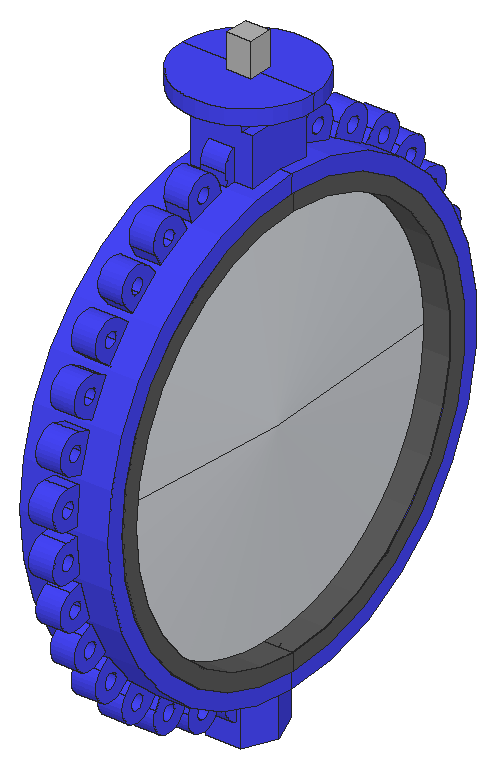
Revit family "931-20-001 DN900", category Pipe Accessories, Revit 2022
Family settings
  Round Connector Dimension = Use Diameter
  Part Type = Valve - Breaks Into
  Work Plane-Based = No
  Always vertical = Yes
  Cut with Voids When Loaded = No
  Shared = No
Parameters (values of type "DN900_PN16")
  wafer_fillet = wafer / 2  # 112.5 mm
  wafer_dim2 = size_lookup(Search_table, "wafer_dim2", 0 mm, DN)  # 225 mm
  wafer_dim1 = size_lookup(Search_table, "wafer_dim1", 0 mm, DN)  # 46.5 mm
  wafer_F = size_lookup(Search_table, "wafer_F", 0 mm, DN)  # 67 mm
  wafer = Actuator_Flange_R * 1.5  # 225 mm
  support = size_lookup(Search_table, "support", 0 mm, DN)  # 636 mm
  rubber = (D - Bore_R) / 2  # 37 mm
  hole1 = G / 2  # 27.5 mm
  disk22 = disk * 1.3  # 39 mm
  disk2 = size_lookup(Search_table, "disk2", 0 mm, DN)  # 899 mm
  disk11 = disk1 * 1.3  # 67.6 mm
  disk1 = size_lookup(Search_table, "disk1", 0 mm, DN)  # 52 mm
  disk = size_lookup(Search_table, "disk", 0 mm, DN)  # 30 mm
  base_dis = D * 1.18  # 618.32 mm
  base1 = C / 5  # 40 mm
  base = C * 0.7 / 2  # 70 mm
  URL_product_pages = "https://www.avkvalves.com/P.aspx?no=93190020010020200000"
  Slot_dim = size_lookup(Search_table, "Slot_dim", 0 mm, DN) / 2  # 42 mm
  Search_table = "931-20-001 DN900"
  PCD_R = size_lookup(Search_table, "PCD_R", 0 mm, DN)  # 550 mm
  Hole1 = size_lookup(Search_table, "Hole1", 0 mm, DN)  # 34 mm
  Hole = G * 1.1  # 60.5 mm
  H = size_lookup(Search_table, "H", 0 mm, DN) / 2  # 150 mm
  G = size_lookup(Search_table, "G", 0 mm, DN)  # 55 mm
  Flange_T = size_lookup(Search_table, "Flange_T", 0 mm, DN)  # 46.5 mm
  Flange_R = size_lookup(Search_table, "Flange_R", 0 mm, DN)  # 525 mm
  F = size_lookup(Search_table, "F", 0 mm, DN)  # 75 mm
  E = size_lookup(Search_table, "E", 0 mm, DN)  # 705 mm
  Description_ = "AVK BUTTERFLY VALVE, LUG, PN10/16"
  Default Elevation = 0 mm
  DN900_PN16 = "931-900-20-020020200000"
  DN900_PN10 = "931-900-20-010020200000"
  DN = 900.1 mm
  DISK = 0 mm
  D = size_lookup(Search_table, "D", 0 mm, DN) / 2  # 524 mm
  C = size_lookup(Search_table, "C", 0 mm, DN)  # 200 mm
  Bore_R = size_lookup(Search_table, "Bore_R", 0 mm, DN)  # 450 mm
  Body_thickness = B1 * 1.05  # 473.025 mm
  Body_dim1 = C * 0.7  # 140 mm
  Body_dim = Actuator_Flange_R * 0.5  # 75 mm
  Body_Thickness = size_lookup(Search_table, "Body_Thickness", 0 mm, DN)  # 2 mm
  B1 = B + 1 mm  # 450.5 mm
  B = size_lookup(Search_table, "B", 0 mm, DN) / 2  # 449.5 mm
  Actuator_Flange_R = size_lookup(Search_table, "Actuator_Flange_R", 0 mm, DN) / 2  # 150 mm
  Actuator_FL_T = size_lookup(Search_table, "Actuator_FL_T", 0 mm, DN)  # 35 mm
  2 = 3 mm  # constant formula
  1 = 1 mm  # constant formula
Types (3, lengths in mm): name | wafer_dim1 | Flange_T | Flange_R | DN
  (no name) | 46.5 | 46.5 | 525 | 900.1
  DN900_PN10 | 37.5 | 37.5 | 520 | 900
  DN900_PN16 | 46.5 | 46.5 | 525 | 900.1
Reference planes
  plane 1 "Center (Front/Back)": y = 0
  plane 2: z = 0
  plane 3 "Center (Left/Right)": x = 0
  plane 4: z = 227.5
  plane 5: x = -100
  plane 6: x = 100
  plane 7: z = 449.5
  plane 8: z = 705
  plane 9: z = 780
  plane 10: x = -27.5
  plane 11: x = 27.5
  plane 12: z = -224.75
  plane 13: z = 224.75
  plane 14: y = 27.5
  plane 15: y = -27.5
  plane 16: y = 27.5
  plane 17: y = -27.5
  plane 18: x = -70
  plane 19: x = 70
  plane 20: y = 75
  plane 21: y = -75
  plane 22: z = 670
  plane 23: z = 524
  plane 24: z = 451.5
  plane 25: z = 670
  plane 26: x = -103
  plane 27: x = 103
  plane 28: x = -150
  plane 29: x = 150
  plane 30: z = 449.5
  plane 31: z = -449.5
  plane 32: z = -449.5
  plane 33: z = 449.5
  plane 34: x = -27.5
  plane 35: x = 27.5
  plane 36: y = 70
  plane 37: y = -70
  plane 38: x = -12.469
  plane 39: x = 12.469
  plane 40: z = 524
  plane 41: z = -524
  plane 42: through (0, 0, -0.031) normal (0, 0.0976, 0.9952)
  plane 43: through (0, 0, -0.031) normal (0, 0.9952, -0.0976)
  plane 44: through (0, 0, 0.031) normal (0, -0.0976, 0.9952)
  plane 45: through (0, 0, 0.031) normal (0, -0.9952, -0.0976)
  plane 46: through (0, -0.027, -0.007) normal (0, 0.1942, -0.981)
  plane 47: through (0, 0.013, -0.033) normal (0, -0.289, 0.9573)
  plane 48: through (0, 0.013, -0.033) normal (0, 0.9573, 0.289)
  plane 49: through (0, 0.013, 0.033) normal (0, 0.289, 0.9573)
  plane 50: through (0, 0.013, 0.033) normal (0, -0.9573, 0.289)
  plane 51: z = -0.007
  plane 52: through (0, -0.027, -0.007) normal (0, 0.3811, -0.9245)
  plane 53: through (0, -0.017, 0.039) normal (0, -0.4695, 0.8829)
  plane 54: through (0, -0.017, 0.039) normal (0, -0.8829, -0.4695)
  plane 55: through (0, -0.027, -0.007) normal (0, 0.5534, -0.8329)
  plane 56: through (0, 0.019, -0.016) normal (0, -0.632, 0.7749)
  plane 57: through (0, 0.019, -0.016) normal (0, 0.7749, 0.632)
  plane 58: through (0, -0.027, -0.007) normal (0, 0.7046, -0.7096)
  plane 59: through (0, -0.035, 0.039) normal (0, -0.7705, 0.6374)
  plane 60: through (0, -0.035, 0.039) normal (0, -0.6374, -0.7705)
  plane 61: through (0, -0.027, -0.007) normal (0, 0.829, -0.5592)
  plane 62: through (0, 0.019, 0.003) normal (0, -0.8796, 0.4756)
  plane 63: through (0, 0.019, 0.003) normal (0, 0.4756, 0.8796)
  plane 64: through (0, -0.027, -0.007) normal (0, 0.9219, -0.3875)
  plane 65: through (0, -0.053, 0.033) normal (0, -0.9553, 0.2957)
  plane 66: through (0, -0.053, 0.033) normal (0, -0.2957, -0.9553)
  plane 67: through (0, -0.027, -0.007) normal (0, 0.9796, -0.2011)
  plane 68: through (0, 0.012, 0.02) normal (0, -0.9945, 0.1045)
  plane 69: through (0, 0.012, 0.02) normal (0, 0.1045, 0.9945)
  plane 70: through (0, -0.012, 0.02) normal (0, -0.9945, -0.1045)
  plane 71: through (0, -0.012, 0.02) normal (0, 0.1045, -0.9945)
  plane 72: through (0, 0.027, -0.007) normal (0, 0.1942, 0.981)
  plane 73: through (0, 0.027, -0.007) normal (0, 0.3811, 0.9245)
  plane 74: through (0, 0.027, -0.007) normal (0, 0.5534, 0.8329)
  plane 75: through (0, 0.027, -0.007) normal (0, 0.7046, 0.7096)
  plane 76: through (0, 0.027, -0.007) normal (0, 0.829, 0.5592)
  plane 77: through (0, 0.027, -0.007) normal (0, 0.9219, 0.3875)
  plane 78: through (0, 0.027, -0.007) normal (0, 0.9796, 0.2011)
  plane 79: through (0, 0.017, 0.039) normal (0, -0.4695, -0.8829)
  plane 80: through (0, 0.017, 0.039) normal (0, -0.8829, 0.4695)
  plane 81: through (0, -0.019, -0.016) normal (0, -0.632, -0.7749)
  plane 82: through (0, -0.019, -0.016) normal (0, 0.7749, -0.632)
  plane 83: through (0, 0.035, 0.039) normal (0, -0.7705, -0.6374)
  plane 84: through (0, 0.035, 0.039) normal (0, -0.6374, 0.7705)
  plane 85: through (0, -0.019, 0.003) normal (0, -0.8796, -0.4756)
  plane 86: through (0, -0.019, 0.003) normal (0, 0.4756, -0.8796)
  plane 87: through (0, 0.053, 0.033) normal (0, -0.9553, -0.2957)
  plane 88: through (0, 0.053, 0.033) normal (0, -0.2957, 0.9553)
Forms (mm)
  Revolve 1, solid, material "Default Roof"
    sketch origin (0, 0, 0) x (1, 0, 0) y (0, 0, 1)
      loop
        line (-100, 450.5) -> (100, 450.5) -> (100, 524) -> (-100, 524) -> (-100, 450.5)
      axis (-100, 0) -> (100, 0)
    angle from 0 to 360
  Revolve 2, solid, material "Default Roof"
    sketch origin (0, 0, 0) x (1, 0, 0) y (0, 0, 1)
      loop
        line (0, 705) -> (0, 670) -> (150, 670) -> (150, 705) -> (0, 705)
      axis (0, 705) -> (0, 670)
    angle from 0 to 360
  Extrusion 3, solid, material "Default Wall"
    sketch origin (0, 0, 0) x (1, 0, 0) y (0, 0, 1)
      loop
        line (-27.5, 780) -> (-27.5, 705) -> (27.5, 705) -> (27.5, 780) -> (-27.5, 780)
    from -27.5 to 27.5
  Extrusion 4, solid, material "Default Roof"
    sketch origin (0, 0, 0) x (1, 0, 0) y (0, 0, 1)
      loop
        line (-70, 670) -> (-70, 449.5) -> (70, 449.5) -> (70, 670) -> (-70, 670)
    from -75 to 75
  Extrusion 5, void
    sketch origin (0, 0, 0) x (0, 1, 0) y (0, 0, 1)
      loop
        line (75, 670) -> (28.5, 670) -> (28.5, 623.5) -> (75, 623.5) -> (75, 670)
      loop
        line (-28.5, 670) -> (-75, 670) -> (-75, 623.5) -> (-28.5, 623.5) -> (-28.5, 670)
    from 45 to 100
  Extrusion 6, void
    sketch origin (0, 0, 0) x (0, 1, 0) y (0, 0, 1)
      loop
        line (28.5, 623.5) -> (75, 623.5) -> (75, 670) -> (28.5, 670) -> (28.5, 623.5)
      loop
        line (-28.5, 670) -> (-75, 670) -> (-75, 623.5) -> (-28.5, 623.5) -> (-28.5, 670)
    from -100 to -45
  Revolve 7, solid, material "Default"
    sketch origin (0, 0, 0) x (1, 0, 0) y (0, 0, 1)
      loop
        line (-103, 486.5) -> (-103, 449.5) -> (103, 449.5) -> (103, 486.5) -> (100, 486.5) -> (100, 450.5) -> (-100, 450.5) -> (-100, 486.5) -> (-103, 486.5)
      axis (-103, 0) -> (103, 0)
    angle from 0 to 360
  Extrusion 8, solid, material "Default Roof"
    sketch origin (0, 0, 0) x (1, 0, 0) y (0, 1, 0)
      loop
        line (-70, 0) -> (-40, -70) -> (40, -70) -> (70, 0) -> (40, 70) -> (-40, 70) -> (-70, 0)
    from -636 to -452.5
  Revolve 9, solid
    sketch origin (0, 0, 0) x (1, 0, 0) y (0, 1, 0)
      loop
        line (-67.6, 0) -> (67.6, 0)
        arc (67.6, 0) -> (60.512, 225.209) -> (39, 449.5) r 3512.447
        line (39, 449.5) -> (-39, 449.5)
        arc (-39, 449.5) -> (-60.512, 225.209) -> (-67.6, 0) r 3512.447
      axis (-67.6, 0) -> (67.6, 0)
    angle from 0 to 360
  Extrusion 10, solid, material "Default Roof"
    sketch origin (0, 0, 0) x (0, -0.92388, 0.382683) y (0, -0.382683, -0.92388)
      loop
        line (-514.05, -200.043) -> (538.445, 119.729)
        arc (538.445, 119.729) -> (566.422, 172.125) -> (514.026, 200.101) r 42
        line (514.026, 200.101) -> (-538.469, -119.671)
        arc (-538.469, -119.671) -> (-566.446, -172.067) -> (-514.05, -200.043) r 42
      loop
        circle (526.235, 159.915) r 17
      loop
        circle (-526.259, -159.857) r 17
    from -27.5 to 27.5
  Extrusion 11, solid, material "Default Roof"
    sketch origin (0, 0, 0) x (0, -0.92388, -0.382683) y (0, 0.382683, -0.92388)
      loop
        arc (-514.05, 200.043) -> (-566.446, 172.067) -> (-538.469, 119.671) r 42
        line (-538.469, 119.671) -> (514.026, -200.101)
        arc (514.026, -200.101) -> (566.422, -172.125) -> (538.445, -119.729) r 42
        line (538.445, -119.729) -> (-514.05, 200.043)
      loop
        circle (526.235, -159.915) r 17
      loop
        circle (-526.259, 159.857) r 17
    from -27.5 to 27.5
  Extrusion 12, solid, material "Default Roof"
    sketch origin (0, 0.001, -0.004) x (0, -0.999998, 0.001745) y (0, -0.001745, -0.999998)
      loop
        line (-514.05, -200.043) -> (538.445, 119.729)
        arc (538.445, 119.729) -> (566.422, 172.125) -> (514.026, 200.101) r 42
        line (514.026, 200.101) -> (-538.469, -119.671)
        arc (-538.469, -119.671) -> (-566.446, -172.067) -> (-514.05, -200.043) r 42
      loop
        circle (526.235, 159.915) r 17
      loop
        circle (-526.259, -159.857) r 17
    from -27.5 to 27.5
  Extrusion 13, solid, material "Default Roof"
    sketch origin (0, 0.001, 0.004) x (0, -0.999998, -0.001745) y (0, 0.001745, -0.999998)
      loop
        arc (-514.05, 200.043) -> (-566.446, 172.067) -> (-538.469, 119.671) r 42
        line (-538.469, 119.671) -> (514.026, -200.101)
        arc (514.026, -200.101) -> (566.422, -172.125) -> (538.445, -119.729) r 42
        line (538.445, -119.729) -> (-514.05, 200.043)
      loop
        circle (526.235, -159.915) r 17
      loop
        circle (-526.259, 159.857) r 17
    from -27.5 to 27.5
  Extrusion 14, solid, material "Default Roof"
    sketch origin (0, -0.005, 0.01) x (0, -0.70834, -0.705872) y (0, 0.705872, -0.70834)
      loop
        arc (-514.05, 200.043) -> (-566.446, 172.067) -> (-538.469, 119.671) r 42
        line (-538.469, 119.671) -> (514.026, -200.101)
        arc (514.026, -200.101) -> (566.422, -172.125) -> (538.445, -119.729) r 42
        line (538.445, -119.729) -> (-514.05, 200.043)
      loop
        circle (526.235, -159.915) r 17
      loop
        circle (-526.259, 159.857) r 17
    from -27.5 to 27.5
  Extrusion 15, solid, material "Default Roof"
    sketch origin (0, -0.003, 0.007) x (0, -0.92521, -0.379456) y (0, 0.379456, -0.92521)
      loop
        line (-514.05, -200.043) -> (538.445, 119.729)
        arc (538.445, 119.729) -> (566.422, 172.125) -> (514.026, 200.101) r 42
        line (514.026, 200.101) -> (-538.469, -119.671)
        arc (-538.469, -119.671) -> (-566.446, -172.067) -> (-514.05, -200.043) r 42
      loop
        circle (526.235, 159.915) r 17
      loop
        circle (-526.259, -159.857) r 17
    from -27.5 to 27.5
  Extrusion 16, solid, material "Default Roof"
    sketch origin (0, -0.013, 0.017) x (0, -0.385906, -0.922538) y (0, 0.922538, -0.385906)
      loop
        arc (-514.05, 200.043) -> (-566.446, 172.067) -> (-538.469, 119.671) r 42
        line (-538.469, 119.671) -> (514.026, -200.101)
        arc (514.026, -200.101) -> (566.422, -172.125) -> (538.445, -119.729) r 42
        line (538.445, -119.729) -> (-514.05, 200.043)
      loop
        circle (526.235, -159.915) r 17
      loop
        circle (-526.259, 159.857) r 17
    from -27.5 to 27.5
  Extrusion 17, solid, material "Default Roof"
    sketch origin (0, -0.01, 0.015) x (0, -0.710799, -0.703395) y (0, 0.703395, -0.710799)
      loop
        line (-514.05, -200.043) -> (538.445, 119.729)
        arc (538.445, 119.729) -> (566.422, 172.125) -> (514.026, 200.101) r 42
        line (514.026, 200.101) -> (-538.469, -119.671)
        arc (-538.469, -119.671) -> (-566.446, -172.067) -> (-514.05, -200.043) r 42
      loop
        circle (526.235, 159.915) r 17
      loop
        circle (-526.259, -159.857) r 17
    from -27.5 to 27.5
  Extrusion 18, solid, material "Default Roof"
    sketch origin (0, -0.024, 0.021) x (0, -0.005236, -0.999986) y (0, 0.999986, -0.005236)
      loop
        arc (-514.05, 200.043) -> (-566.446, 172.067) -> (-538.469, 119.671) r 42
        line (-538.469, 119.671) -> (514.026, -200.101)
        arc (514.026, -200.101) -> (566.422, -172.125) -> (538.445, -119.729) r 42
        line (538.445, -119.729) -> (-514.05, 200.043)
      loop
        circle (526.235, -159.915) r 17
      loop
        circle (-526.259, 159.857) r 17
    from -27.5 to 27.5
  Extrusion 19, solid, material "Default Roof"
    sketch origin (0, -0.02, 0.02) x (0, -0.389124, -0.921185) y (0, 0.921185, -0.389124)
      loop
        line (-514.05, -200.043) -> (538.445, 119.729)
        arc (538.445, 119.729) -> (566.422, 172.125) -> (514.026, 200.101) r 42
        line (514.026, 200.101) -> (-538.469, -119.671)
        arc (-538.469, -119.671) -> (-566.446, -172.067) -> (-514.05, -200.043) r 42
      loop
        circle (526.235, 159.915) r 17
      loop
        circle (-526.259, -159.857) r 17
    from -27.5 to 27.5
  Extrusion 20, solid, material "Default Roof"
    sketch origin (0, 0.02, 0.02) x (0, 0.389124, -0.921185) y (0, 0.921185, 0.389124)
      loop
        arc (-514.05, 200.043) -> (-566.446, 172.067) -> (-538.469, 119.671) r 42
        line (-538.469, 119.671) -> (514.026, -200.101)
        arc (514.026, -200.101) -> (566.422, -172.125) -> (538.445, -119.729) r 42
        line (538.445, -119.729) -> (-514.05, 200.043)
      loop
        circle (526.235, -159.915) r 17
      loop
        circle (-526.259, 159.857) r 17
    from -27.5 to 27.5
  Extrusion 21, solid, material "Default Roof"
    sketch origin (0, 0.005, 0.01) x (0, 0.70834, -0.705872) y (0, 0.705872, 0.70834)
      loop
        line (-514.05, -200.043) -> (538.445, 119.729)
        arc (538.445, 119.729) -> (566.422, 172.125) -> (514.026, 200.101) r 42
        line (514.026, 200.101) -> (-538.469, -119.671)
        arc (-538.469, -119.671) -> (-566.446, -172.067) -> (-514.05, -200.043) r 42
      loop
        circle (526.235, 159.915) r 17
      loop
        circle (-526.259, -159.857) r 17
    from -27.5 to 27.5
  Extrusion 22, solid, material "Default Roof"
    sketch origin (0, 0.003, 0.007) x (0, 0.92521, -0.379456) y (0, 0.379456, 0.92521)
      loop
        arc (-514.05, 200.043) -> (-566.446, 172.067) -> (-538.469, 119.671) r 42
        line (-538.469, 119.671) -> (514.026, -200.101)
        arc (514.026, -200.101) -> (566.422, -172.125) -> (538.445, -119.729) r 42
        line (538.445, -119.729) -> (-514.05, 200.043)
      loop
        circle (526.235, -159.915) r 17
      loop
        circle (-526.259, 159.857) r 17
    from -27.5 to 27.5
  Extrusion 23, solid, material "Default Roof"
    sketch origin (0, 0.013, 0.017) x (0, 0.385906, -0.922538) y (0, 0.922538, 0.385906)
      loop
        line (-514.05, -200.043) -> (538.445, 119.729)
        arc (538.445, 119.729) -> (566.422, 172.125) -> (514.026, 200.101) r 42
        line (514.026, 200.101) -> (-538.469, -119.671)
        arc (-538.469, -119.671) -> (-566.446, -172.067) -> (-514.05, -200.043) r 42
      loop
        circle (526.235, 159.915) r 17
      loop
        circle (-526.259, -159.857) r 17
    from -27.5 to 27.5
  Extrusion 24, solid, material "Default Roof"
    sketch origin (0, 0.01, 0.015) x (0, 0.710799, -0.703395) y (0, 0.703395, 0.710799)
      loop
        arc (-514.05, 200.043) -> (-566.446, 172.067) -> (-538.469, 119.671) r 42
        line (-538.469, 119.671) -> (514.026, -200.101)
        arc (514.026, -200.101) -> (566.422, -172.125) -> (538.445, -119.729) r 42
        line (538.445, -119.729) -> (-514.05, 200.043)
      loop
        circle (526.235, -159.915) r 17
      loop
        circle (-526.259, 159.857) r 17
    from -27.5 to 27.5
  Extrusion 25, solid, material "Default Roof"
    sketch origin (0, 0.024, 0.021) x (0, 0.005236, -0.999986) y (0, 0.999986, 0.005236)
      loop
        line (-514.05, -200.043) -> (538.445, 119.729)
        arc (538.445, 119.729) -> (566.422, 172.125) -> (514.026, 200.101) r 42
        line (514.026, 200.101) -> (-538.469, -119.671)
        arc (-538.469, -119.671) -> (-566.446, -172.067) -> (-514.05, -200.043) r 42
      loop
        circle (526.235, 159.915) r 17
      loop
        circle (-526.259, -159.857) r 17
    from -27.5 to 27.5
Cuts and joins
  Extrusion 5, Extrusion 6 cuts Revolve 2
  Extrusion 5, Extrusion 6 cuts Extrusion 4
Dimensions and locks
  "B": plane 7 to level
  equal spacing: plane 6, plane 3 "Center (Left/Right)", plane 5
  "C": plane 6 to plane 5
  "E": plane 8 to level
  equal spacing: plane 11, plane 3 "Center (Left/Right)", plane 10
  "G": plane 11 to plane 10
  "F": plane 9 to plane 8
  equal spacing: plane 13, level, plane 12
  "B": plane 13 to plane 12
  "H": Revolve 2 sketch curve to plane 3 "Center (Left/Right)"
  "Actuator_FL_T": plane 8 to Revolve 2 sketch curve
  equal spacing: Extrusion 3 sketch curve, plane 3 "Center (Left/Right)", Extrusion 3 sketch curve
  equal spacing: plane 14, plane 1 "Center (Front/Back)", plane 15
  "G": plane 14 to plane 15
  equal spacing: plane 16, plane 1 "Center (Front/Back)", plane 17
  "G": plane 16 to plane 17
  equal spacing: Extrusion 4 sketch curve, plane 3 "Center (Left/Right)", Extrusion 4 sketch curve
  "Actuator_FL_T": plane 8 to Extrusion 4 sketch curve
  equal spacing: plane 19, plane 3 "Center (Left/Right)", plane 18
  "Body_dim1": plane 19 to plane 18
  equal spacing: plane 20, plane 1 "Center (Front/Back)", plane 21
  "Body_dim": plane 20 to plane 1 "Center (Front/Back)"
  "Actuator_FL_T": plane 8 to Extrusion 5 sketch curve
  "Flange_T": plane 20 to Extrusion 5 sketch curve
  "Actuator_FL_T": plane 8 to plane 22
  "Flange_T": plane 22 to Extrusion 5 sketch curve
  equal spacing: Extrusion 5 sketch curve, plane 1 "Center (Front/Back)", Extrusion 5 sketch curve
  "G": plane 6 to cut or joined group of Extrusion 4, Extrusion 5, Extrusion 6
  "G": cut or joined group of Extrusion 4, Extrusion 5, Extrusion 6 to plane 5
  equal spacing: Revolve 7 sketch curve, plane 3 "Center (Left/Right)", Revolve 7 sketch curve  (x2)
  "2": plane 5 to Revolve 7 sketch curve
  "B1": Revolve 1 sketch curve to level
  "D": plane 23 to level
  "rubber": Revolve 7 sketch curve to plane 7
  "Body_Thickness": plane 24 to plane 7
  "Actuator_FL_T": plane 8 to plane 25
  "Flange_T": plane 25 to cut or joined group of Extrusion 4, Extrusion 5, Extrusion 6
  equal spacing: cut or joined group of Extrusion 4, Extrusion 5, Extrusion 6, plane 1 "Center (Front/Back)", cut or joined group of Extrusion 4, Extrusion 5, Extrusion 6
  "Flange_T": plane 20 to cut or joined group of Extrusion 4, Extrusion 5, Extrusion 6
  equal spacing: plane 27, plane 3 "Center (Left/Right)", plane 26
  "2": plane 5 to plane 26
  plane 27 to plane 26 = 206 mm
  equal spacing: plane 29, plane 3 "Center (Left/Right)", plane 28
  "H": plane 29 to plane 3 "Center (Left/Right)"
  equal spacing: plane 31, level, plane 30
  "disk2": plane 31 to plane 30
  "1": plane 30 to Revolve 7 sketch curve
  plane 6 to plane 5 = 200 mm  (x2)
  plane 28 to plane 29 = 300 mm
  equal spacing: plane 33, level, plane 32
  "disk2": plane 7 to plane 32
  equal spacing: plane 34, plane 3 "Center (Left/Right)", plane 35
  "G": plane 35 to plane 34
  equal spacing: plane 37, plane 1 "Center (Front/Back)", plane 36
  equal spacing: plane 38, plane 3 "Center (Left/Right)", plane 39
  equal spacing: Extrusion 8 sketch curve, plane 3 "Center (Left/Right)", Extrusion 8 sketch curve  (x3)
  "base": plane 1 "Center (Front/Back)" to plane 36
  "base": Extrusion 8 sketch curve to plane 3 "Center (Left/Right)"
  "base1": Extrusion 8 sketch curve to plane 3 "Center (Left/Right)"  (x2)
  "support": level to Extrusion 8
  "2": plane 32 to Extrusion 8
  equal spacing: plane 40, level, plane 41
  plane 40 to plane 41 = 1048 mm
  "D": plane 40 to level
  plane 29 to plane 28 = 300 mm
  equal spacing: Revolve 9 sketch curve, plane 3 "Center (Left/Right)", Revolve 9 sketch curve  (x2)
  "disk11": Revolve 9 sketch curve to plane 3 "Center (Left/Right)"
  "disk22": Revolve 9 sketch curve to plane 3 "Center (Left/Right)"
  "B": plane 1 "Center (Front/Back)" to Revolve 9 sketch curve
  "Slot_dim": Extrusion 10 sketch curve to plane 42
  "PCD_R": plane 43 to Extrusion 10 sketch curve
  "PCD_R": Extrusion 10 sketch curve to plane 43
  equal spacing: Extrusion 10 sketch curve, plane 42, Extrusion 10 sketch curve
  "Slot_dim": Extrusion 11 sketch curve to plane 44
  "PCD_R": plane 45 to Extrusion 11 sketch curve
  "PCD_R": Extrusion 11 sketch curve to plane 45
  equal spacing: Extrusion 11 sketch curve, plane 44, Extrusion 11 sketch curve
  equal spacing: Extrusion 11 sketch curve, plane 45, Extrusion 11 sketch curve
  equal spacing: Extrusion 11, level, Extrusion 10
  "Slot_dim": Extrusion 12 sketch curve to plane 47
  "PCD_R": plane 48 to Extrusion 12 sketch curve
  "PCD_R": Extrusion 12 sketch curve to plane 48
  equal spacing: Extrusion 12 sketch curve, plane 47, Extrusion 12 sketch curve
  equal spacing: Extrusion 12 sketch curve, plane 48, Extrusion 12 sketch curve
  "Slot_dim": Extrusion 13 sketch curve to plane 49
  "PCD_R": plane 50 to Extrusion 13 sketch curve
  "PCD_R": Extrusion 13 sketch curve to plane 50
  equal spacing: Extrusion 13 sketch curve, plane 49, Extrusion 13 sketch curve
  equal spacing: Extrusion 13 sketch curve, plane 50, Extrusion 13 sketch curve
  "Slot_dim": Extrusion 14 sketch curve to plane 53
  "PCD_R": plane 54 to Extrusion 14 sketch curve
  "PCD_R": Extrusion 14 sketch curve to plane 54
  equal spacing: Extrusion 14 sketch curve, plane 53, Extrusion 14 sketch curve
  equal spacing: Extrusion 14 sketch curve, plane 54, Extrusion 14 sketch curve
  "Slot_dim": Extrusion 15 sketch curve to plane 56
  "PCD_R": plane 57 to Extrusion 15 sketch curve
  "PCD_R": Extrusion 15 sketch curve to plane 57
  equal spacing: Extrusion 15 sketch curve, plane 56, Extrusion 15 sketch curve
  equal spacing: Extrusion 15 sketch curve, plane 57, Extrusion 15 sketch curve
  "Slot_dim": Extrusion 16 sketch curve to plane 59
  "PCD_R": plane 60 to Extrusion 16 sketch curve
  "PCD_R": Extrusion 16 sketch curve to plane 60
  equal spacing: Extrusion 16 sketch curve, plane 59, Extrusion 16 sketch curve
  equal spacing: Extrusion 16 sketch curve, plane 60, Extrusion 16 sketch curve
  "Slot_dim": Extrusion 17 sketch curve to plane 62
  "PCD_R": plane 63 to Extrusion 17 sketch curve
  "PCD_R": Extrusion 17 sketch curve to plane 63
  equal spacing: Extrusion 17 sketch curve, plane 62, Extrusion 17 sketch curve
  equal spacing: Extrusion 17 sketch curve, plane 63, Extrusion 17 sketch curve
  "Slot_dim": Extrusion 18 sketch curve to plane 65
  "PCD_R": plane 66 to Extrusion 18 sketch curve
  "PCD_R": Extrusion 18 sketch curve to plane 66
  equal spacing: Extrusion 18 sketch curve, plane 65, Extrusion 18 sketch curve
  equal spacing: Extrusion 18 sketch curve, plane 66, Extrusion 18 sketch curve
  "Slot_dim": Extrusion 19 sketch curve to plane 68
  "PCD_R": plane 69 to Extrusion 19 sketch curve
  "PCD_R": Extrusion 19 sketch curve to plane 69
  equal spacing: Extrusion 19 sketch curve, plane 68, Extrusion 19 sketch curve
  equal spacing: Extrusion 19 sketch curve, plane 69, Extrusion 19 sketch curve
  "Slot_dim": Extrusion 20 sketch curve to plane 70
  "PCD_R": plane 71 to Extrusion 20 sketch curve
  "PCD_R": Extrusion 20 sketch curve to plane 71
  equal spacing: Extrusion 20 sketch curve, plane 70, Extrusion 20 sketch curve
  equal spacing: Extrusion 20 sketch curve, plane 71, Extrusion 20 sketch curve
  "Slot_dim": Extrusion 21 sketch curve to plane 79
  "PCD_R": plane 80 to Extrusion 21 sketch curve
  "PCD_R": Extrusion 21 sketch curve to plane 80
  equal spacing: Extrusion 21 sketch curve, plane 79, Extrusion 21 sketch curve
  equal spacing: Extrusion 21 sketch curve, plane 80, Extrusion 21 sketch curve
  "Slot_dim": Extrusion 22 sketch curve to plane 81
  "PCD_R": plane 82 to Extrusion 22 sketch curve
  "PCD_R": Extrusion 22 sketch curve to plane 82
  equal spacing: Extrusion 22 sketch curve, plane 81, Extrusion 22 sketch curve
  equal spacing: Extrusion 22 sketch curve, plane 82, Extrusion 22 sketch curve
  "Slot_dim": Extrusion 23 sketch curve to plane 83
  "PCD_R": plane 84 to Extrusion 23 sketch curve
  "PCD_R": Extrusion 23 sketch curve to plane 84
  equal spacing: Extrusion 23 sketch curve, plane 83, Extrusion 23 sketch curve
  equal spacing: Extrusion 23 sketch curve, plane 84, Extrusion 23 sketch curve
  "Slot_dim": Extrusion 24 sketch curve to plane 85
  "PCD_R": plane 86 to Extrusion 24 sketch curve
  "PCD_R": Extrusion 24 sketch curve to plane 86
  equal spacing: Extrusion 24 sketch curve, plane 85, Extrusion 24 sketch curve
  equal spacing: Extrusion 24 sketch curve, plane 86, Extrusion 24 sketch curve
  "Slot_dim": Extrusion 25 sketch curve to plane 87
  "PCD_R": plane 88 to Extrusion 25 sketch curve
  "PCD_R": Extrusion 25 sketch curve to plane 88
  equal spacing: Extrusion 25 sketch curve, plane 87, Extrusion 25 sketch curve
  equal spacing: Extrusion 25 sketch curve, plane 88, Extrusion 25 sketch curve
  Extrusion 19 to level to Extrusion 19 = 589.007 mm, 588.967 mm
  Extrusion 20 to level to Extrusion 20 = 589.007 mm, 588.967 mm
  equal spacing: Extrusion 19, plane 1 "Center (Front/Back)", Extrusion 20
  equal spacing: Extrusion 18, plane 1 "Center (Front/Back)", Extrusion 25
  equal spacing: Extrusion 17, plane 1 "Center (Front/Back)", Extrusion 24
  equal spacing: Extrusion 16, plane 1 "Center (Front/Back)", Extrusion 23
  equal spacing: Extrusion 15, plane 1 "Center (Front/Back)", Extrusion 22
  equal spacing: Extrusion 14, plane 1 "Center (Front/Back)", Extrusion 21
  Extrusion 12 to plane 1 "Center (Front/Back)" = 568.538 mm
  equal spacing: Extrusion 11, plane 1 "Center (Front/Back)", Extrusion 10
  Extrusion 12 to plane 1 "Center (Front/Back)" to Extrusion 13 = 568.538 mm, 568.513 mm
  "Hole1": diameter of Extrusion 10 sketch curve  (x2)
  "Hole1": diameter of Extrusion 11 sketch curve  (x2)
  "Hole1": diameter of Extrusion 12 sketch curve  (x2)
  "Hole1": diameter of Extrusion 13 sketch curve  (x2)
  "Hole1": diameter of Extrusion 14 sketch curve  (x2)
  "Hole1": diameter of Extrusion 15 sketch curve  (x2)
  "Hole1": diameter of Extrusion 16 sketch curve  (x2)
  "Hole1": diameter of Extrusion 17 sketch curve  (x2)
  "Hole1": diameter of Extrusion 18 sketch curve  (x2)
  "Hole1": diameter of Extrusion 19 sketch curve  (x2)
  "Hole1": diameter of Extrusion 20 sketch curve  (x2)
  "Hole1": diameter of Extrusion 21 sketch curve  (x2)
  "Hole1": diameter of Extrusion 22 sketch curve  (x2)
  "Hole1": diameter of Extrusion 23 sketch curve  (x2)
  "Hole1": diameter of Extrusion 24 sketch curve  (x2)
  "Hole1": diameter of Extrusion 25 sketch curve  (x2)
  angle level to plane 42 = 5.60°
  angle plane 1 "Center (Front/Back)" to plane 43 = 5.60°
  angle plane 52 to level = 22.40°
  angle plane 46 to level = 11.20°
  angle plane 55 to level = 33.60°
  angle plane 58 to level = 44.80°
  angle plane 61 to level = 56.00°
  angle level to plane 72 = 11.20°
  angle level to plane 73 = 22.40°
  angle level to plane 74 = 33.60°
  angle level to plane 75 = 44.80°
  angle level to plane 76 = 56.00°
  angle level to plane 77 = 67.20°
  angle level to plane 78 = 78.40°
  angle plane 64 to level = 67.20°
  angle plane 67 to level = 78.40°
  aligned and locked: level to plane 2
  aligned and locked: plane 5 to Revolve 1 sketch curve
  aligned and locked: plane 6 to Revolve 1 sketch curve
  aligned and locked: Revolve 1 sketch curve to level
  aligned and locked: plane 3 "Center (Left/Right)" to Revolve 2 sketch curve
  aligned and locked: Revolve 2 sketch curve to plane 8
  aligned and locked: Revolve 2 sketch curve to plane 3 "Center (Left/Right)"
  aligned and locked: plane 10 to Extrusion 3 sketch curve
  aligned and locked: plane 8 to Extrusion 3 sketch curve
  aligned and locked: Extrusion 3 sketch curve to plane 9
  aligned and locked: Extrusion 3 to plane 16
  aligned and locked: plane 17 to Extrusion 3
  aligned and locked: Extrusion 4 sketch curve to plane 18
  aligned and locked: plane 7 to Extrusion 4 sketch curve
  aligned and locked: Extrusion 4 to plane 20
  aligned and locked: Extrusion 4 to plane 21
  aligned and locked: Extrusion 5 sketch curve to plane 22
  aligned and locked: plane 21 to Extrusion 5 sketch curve
  aligned and locked: Extrusion 5 sketch curve to Extrusion 5 sketch curve
  aligned and locked: plane 6 to Extrusion 5
  aligned and locked: cut or joined group of Revolve 2, Extrusion 5, Extrusion 6 to Extrusion 6 sketch curve  (x2)
  aligned and locked: Extrusion 6 to plane 5
  aligned and locked: Revolve 7 sketch curve to Revolve 7 sketch curve
  aligned and locked: Revolve 7 sketch curve to level
  aligned and locked: Revolve 7 sketch curve to plane 5
  aligned and locked: Extrusion 6 to plane 20
  aligned and locked: Extrusion 6 to plane 21
  aligned and locked: Extrusion 5 to plane 20
  aligned and locked: cut or joined group of Extrusion 4, Extrusion 5, Extrusion 6 to cut or joined group of Extrusion 4, Extrusion 5, Extrusion 6
  aligned and locked: Revolve 7 sketch curve to plane 7
  aligned and locked: plane 36 to Extrusion 8 sketch curve
  aligned and locked: Extrusion 8 sketch curve to plane 37
  aligned and locked: plane 1 "Center (Front/Back)" to Revolve 9 sketch curve
  aligned and locked: Extrusion 10 to plane 10
  aligned and locked: plane 11 to Extrusion 10
  aligned and locked: plane 1 "Center (Front/Back)" to nested 1
Automatic sketch dimensions
  Extrusion 6 sketch curve to plane 21 = 0 mm
  Extrusion 6 sketch curve to plane 20 = 0 mm
  Extrusion 6 sketch curve to plane 17 = 1 mm
  Extrusion 6 sketch curve to plane 16 = 1 mm
  Extrusion 6 sketch curve to plane 25 = 46.5 mm  (x2)
  Revolve 1 sketch curve to plane 23 = 0 mm
  plane 10 to Revolve 1 sketch curve = 0.688 mm
  Revolve 1 sketch curve to plane 6 = 7.188 mm
  Revolve 2 sketch curve to plane 25 = 2.849 mm
  Revolve 2 sketch curve to Revolve 2 sketch curve = 2 mm
  Extrusion 5 sketch curve to plane 20 = 0 mm
  plane 5 to Revolve 7 sketch curve = 1.194 mm
  Revolve 7 sketch curve to plane 29 = 28.711 mm
  plane 1 "Center (Front/Back)" to Extrusion 8 sketch curve = 0 mm  (x2)
  plane 1 "Center (Front/Back)" to Revolve 9 sketch curve = 0 mm
  Revolve 9 sketch curve to plane 1 "Center (Front/Back)" = 2.176 mm  (x2)
  Revolve 9 sketch curve to plane 28 = 8.672 mm
  Revolve 9 sketch curve to plane 6 = 1.366 mm
  Extrusion 10 sketch curve to Extrusion 10 sketch curve = 0 mm  (x4)
  Extrusion 10 sketch curve to plane 42 = 0 mm
  Extrusion 11 sketch curve to Extrusion 11 sketch curve = 0 mm  (x4)
  Extrusion 12 sketch curve to Extrusion 12 sketch curve = 0 mm  (x4)
  Extrusion 13 sketch curve to Extrusion 13 sketch curve = 0 mm  (x4)
  Extrusion 14 sketch curve to Extrusion 14 sketch curve = 0 mm  (x4)
  Extrusion 15 sketch curve to Extrusion 15 sketch curve = 0 mm  (x4)
  Extrusion 16 sketch curve to Extrusion 16 sketch curve = 0 mm  (x4)
  Extrusion 17 sketch curve to Extrusion 17 sketch curve = 0 mm  (x4)
  Extrusion 18 sketch curve to Extrusion 18 sketch curve = 0 mm  (x4)
  Extrusion 19 sketch curve to Extrusion 19 sketch curve = 0 mm  (x4)
  Extrusion 20 sketch curve to Extrusion 20 sketch curve = 0 mm  (x4)
  Extrusion 21 sketch curve to Extrusion 21 sketch curve = 0 mm  (x4)
  Extrusion 22 sketch curve to Extrusion 22 sketch curve = 0 mm  (x4)
  Extrusion 23 sketch curve to Extrusion 23 sketch curve = 0 mm  (x4)
  Extrusion 24 sketch curve to Extrusion 24 sketch curve = 0 mm  (x4)
  Extrusion 25 sketch curve to Extrusion 25 sketch curve = 0 mm  (x4)
Nested families
  nested 1: "logo large-1" at (-70, 0, 539) x (0, -1, 0) z (-1, 0, 0), type "logo large-1"
Connectors
  piping at (-103, 0, 0), diameter 900.1, driven by "DN"
    settings: on Revolve 7, index 1, connector inside diameter 609.6 mm, connector length 0 mm, flow factor 0, pipe flow 0.0 L/s, pressure drop 0.0 Pa, fitting loss kfactor 0, connector angle 0.00°, fixture units 0, engagement length 0 mm, angle of deflection 0.00°, flow configuration 0, flow direction 0, fitting loss method 0, system type 7, joint type 0, gender type 0, connector reference index -1, connector utility 0, adjustable connector no, is connector primary yes, connector description ""
  piping at (103, 0, 0), diameter 900.1, driven by "DN"
    settings: on Revolve 7, index 2, connector inside diameter 609.6 mm, connector length 0 mm, flow factor 0, pipe flow 0.0 L/s, pressure drop 0.0 Pa, fitting loss kfactor 0, connector angle 0.00°, fixture units 0, engagement length 0 mm, angle of deflection 0.00°, flow configuration 0, flow direction 0, fitting loss method 0, system type 7, joint type 0, gender type 0, connector reference index -1, connector utility 0, adjustable connector no, is connector primary no, connector description ""
Definition of nested family "logo large-1"
  Parameters (values of type "logo large-1")
    Default Elevation = 1219.2 mm
    DN600 = yes
    DN500 = yes
  Reference planes
    plane 1 "Center (Front/Back)": y = 0
    plane 2: z = 0
    plane 3 "Center (Left/Right)": x = 0
  Forms (mm)
    Extrusion 1, solid
      sketch origin (0, 0, 0) x (1, 0, 0) y (0, 1, 0)
        loop
          line (-1219.2, 1219.2) -> (-1219.2, -1219.2) -> (1219.2, -1219.2) -> (1219.2, 1219.2) -> (-1219.2, 1219.2)
      from 0 to -304.8
    Extrusion 2, solid, visible <- "DN600"
      sketch origin (0, 0, 0) x (1, 0, 0) y (0, 1, 0)
        loop
          line (-13.414, 47.067) -> (-49.421, 47.067) -> (-49.421, 37.301) -> (-20.11, 37.301) -> (-4.923, 0) -> (4.923, 0) -> (20.11, 37.301) -> (49.421, 37.301) -> (49.421, 47.067) -> (13.414, 47.067) -> (0, 14.12) -> (-13.414, 47.067)
        loop
          line (-49.421, 24.122) -> (-40.161, 24.122) -> (-49.421, 0) -> (-38.959, 0) -> (-36.972, 5.177) -> (-21.641, 5.177) -> (-19.533, 0) -> (-8.989, 0) -> (-22.642, 33.536) -> (-49.421, 33.536) -> (-49.421, 24.122)
        loop
          line (-34.548, 14.12) -> (-25.282, 14.12) -> (-30.051, 25.833) -> (-34.548, 14.12)
        loop
          line (22.642, 33.536) -> (8.989, 0) -> (19.533, 0) -> (24.902, 13.186) -> (34.838, 0) -> (47.067, 0) -> (35.829, 14.914)
          arc (35.829, 14.914) -> (42.384, 18.149) -> (46.597, 24.122) r 14.826
          line (46.597, 24.122) -> (49.421, 24.122) -> (49.421, 33.536) -> (40.007, 33.536)
          arc (40.007, 33.536) -> (36.577, 25.039) -> (28.208, 21.306) r 12.238
          line (28.208, 21.306) -> (33.187, 33.536) -> (22.642, 33.536)
      from 0 to 1
  Dimensions and locks
    aligned and locked: plane 2 to Extrusion 1
    aligned and locked: level to Extrusion 1
